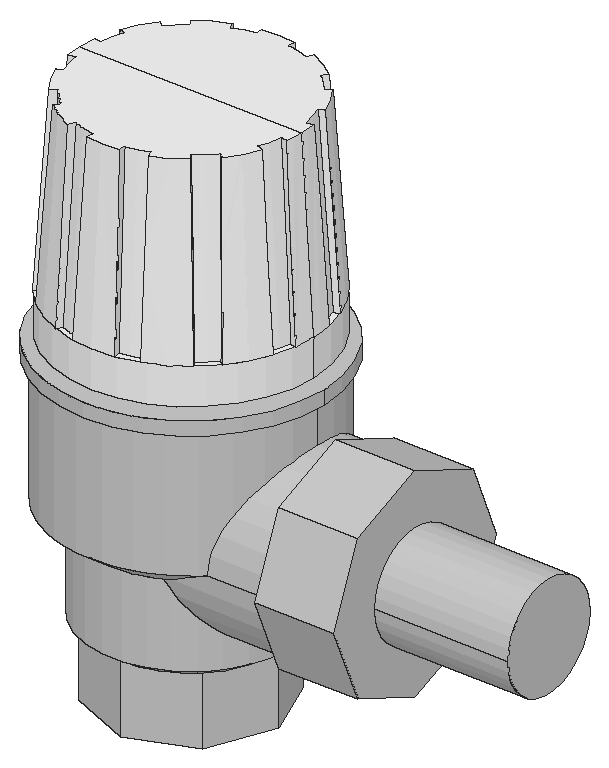
Revit family "PA_Арматура трубопроводов [клапан термостатический угловой, VT.033.N]1 - VALTEC", category Арматура трубопроводов, Revit 2018
Family settings
  Размер круглого соединителя = Использовать диаметр
  Тип детали = Вставляется
  На основе рабочей плоскости = Нет
  Всегда вертикально = Да
  При загрузке вырезать с полостями = Нет
  Общий = Нет
Parameters (values of type "VT.033.N")
  Таблица 2 = "PA_Арматура трубопроводов [клапан термостатический угловой, VT.033.N] - VALTEC - Таблица 2"  # constant formula
  Таблица 1 = "PA_Арматура трубопроводов [клапан термостатический угловой, VT.033.N] - VALTEC - Таблица 1"  # constant formula
  Материал доп.1 = Черный - VALTEC
  Изготовитель = "VALTEC"  # constant formula
  Головка термостатическая [instance] = Колпачок : Колпачок
  d7 [instance] = size_lookup(Таблица 1, "d7", 0 mm, D1)  # 29.6 mm
  b7 [instance] = size_lookup(Таблица 1, "b7", 0 mm, D1)  # 1 mm
  b6 [instance] = size_lookup(Таблица 1, "b6", 0 mm, D1)  # 2 mm
  b5 [instance] = size_lookup(Таблица 1, "b5", 0 mm, D1)  # 18.8 mm
  b4 [instance] = size_lookup(Таблица 1, "b4", 0 mm, D1)  # 3 mm
  MM_Геометрия [instance] = if(Головка термостатическая = [1!!!НЕ ИЗМЕНЯТЬ!!!], MM_1!!!НЕ ИЗМЕНЯТЬ!!!, if(Головка термостатическая = [2!!!НЕ ИЗМЕНЯТЬ!!!], MM_2!!!НЕ ИЗМЕНЯТЬ!!!, if(Головка термостатическая = [3!!!НЕ ИЗМЕНЯТЬ!!!], MM_3!!!НЕ ИЗМЕНЯТЬ!!!, if(Головка термостатическая = [4!!!НЕ ИЗМЕНЯТЬ!!!], MM_4!!!НЕ ИЗМЕНЯТЬ!!!, if(Головка термостатическая = [5!!!НЕ ИЗМЕНЯТЬ!!!], MM_4!!!НЕ ИЗМЕНЯТЬ!!!, if(Головка термостатическая = [6!!!НЕ ИЗМЕНЯТЬ!!!], MM_5!!!НЕ ИЗМЕНЯТЬ!!!, if(Головка термостатическая = [7!!!НЕ ИЗМЕНЯТЬ!!!], MM_6!!!НЕ ИЗМЕНЯТЬ!!!, if(Головка термостатическая = [8!!!НЕ ИЗМЕНЯТЬ!!!], MM_6!!!НЕ ИЗМЕНЯТЬ!!!, if(Головка термостатическая = [9!!!НЕ ИЗМЕНЯТЬ!!!], MM_6!!!НЕ ИЗМЕНЯТЬ!!!, if(Головка термостатическая = [10!!!НЕ ИЗМЕНЯТЬ!!!], MM_6!!!НЕ ИЗМЕНЯТЬ!!!, if(Головка термостатическая = [11!!!НЕ ИЗМЕНЯТЬ!!!], MM_7!!!НЕ ИЗМЕНЯТЬ!!!, if(Головка термостатическая = [12!!!НЕ ИЗМЕНЯТЬ!!!], MM_7!!!НЕ ИЗМЕНЯТЬ!!!, if(Головка термостатическая = [13!!!НЕ ИЗМЕНЯТЬ!!!], MM_7!!!НЕ ИЗМЕНЯТЬ!!!, MM_8!!!НЕ ИЗМЕНЯТЬ!!!)))))))))))))  # MM_Обобщенные модели [колпачок, VT.033.N] - VALTEC : VT.TE3042.0
  MM_8!!!НЕ ИЗМЕНЯТЬ!!! = MM_Обобщенные модели [колпачок, VT.033.N] - VALTEC : VT.TE3042.0
  MM_7!!!НЕ ИЗМЕНЯТЬ!!! = MM_Обобщенные модели [сервопривод электрический, VT.TE3042] - VALTEC : VT.TE3042.0
  MM_6!!!НЕ ИЗМЕНЯТЬ!!! = MM_Обобщенные модели [сервопривод электрический, VT.TE3040] - VALTEC : VT.TE3040
  MM_5!!!НЕ ИЗМЕНЯТЬ!!! = MM_Обобщенные модели [cервопривод EQUICALOR, VT.AS1000] - VALTEC : VT.AS1000
  MM_4!!!НЕ ИЗМЕНЯТЬ!!! = MM_Обобщенные модели [головка термостатическая жидкостная, VT.5000.0] - VALTEC : VT.5000.0 - VT.5010.0
  MM_3!!!НЕ ИЗМЕНЯТЬ!!! = MM_Обобщенные модели [головка термостатическая жидкостная, VT.3000.0] - VALTEC : VT.3000.0
  MM_2!!!НЕ ИЗМЕНЯТЬ!!! = MM_Обобщенные модели [головка термостатическая жидкостная, VT.1500.0] - VALTEC : VT.1500.0
  MM_1!!!НЕ ИЗМЕНЯТЬ!!! = MM_Обобщенные модели [головка термостатическая твердотельная, VT.1000.0] - VALTEC : VT.1000.0
  ME_Информация [instance] = if(Головка термостатическая = [1!!!НЕ ИЗМЕНЯТЬ!!!], ME_1!!!НЕ ИЗМЕНЯТЬ!!!, if(Головка термостатическая = [2!!!НЕ ИЗМЕНЯТЬ!!!], ME_2!!!НЕ ИЗМЕНЯТЬ!!!, if(Головка термостатическая = [3!!!НЕ ИЗМЕНЯТЬ!!!], ME_3!!!НЕ ИЗМЕНЯТЬ!!!, if(Головка термостатическая = [4!!!НЕ ИЗМЕНЯТЬ!!!], ME_4!!!НЕ ИЗМЕНЯТЬ!!!, if(Головка термостатическая = [5!!!НЕ ИЗМЕНЯТЬ!!!], ME_5!!!НЕ ИЗМЕНЯТЬ!!!, if(Головка термостатическая = [6!!!НЕ ИЗМЕНЯТЬ!!!], ME_6!!!НЕ ИЗМЕНЯТЬ!!!, if(Головка термостатическая = [7!!!НЕ ИЗМЕНЯТЬ!!!], ME_7!!!НЕ ИЗМЕНЯТЬ!!!, if(Головка термостатическая = [8!!!НЕ ИЗМЕНЯТЬ!!!], ME_8!!!НЕ ИЗМЕНЯТЬ!!!, if(Головка термостатическая = [9!!!НЕ ИЗМЕНЯТЬ!!!], ME_9!!!НЕ ИЗМЕНЯТЬ!!!, if(Головка термостатическая = [10!!!НЕ ИЗМЕНЯТЬ!!!], ME_10!!!НЕ ИЗМЕНЯТЬ!!!, if(Головка термостатическая = [11!!!НЕ ИЗМЕНЯТЬ!!!], ME_11!!!НЕ ИЗМЕНЯТЬ!!!, if(Головка термостатическая = [12!!!НЕ ИЗМЕНЯТЬ!!!], ME_12!!!НЕ ИЗМЕНЯТЬ!!!, if(Головка термостатическая = [13!!!НЕ ИЗМЕНЯТЬ!!!], ME_13!!!НЕ ИЗМЕНЯТЬ!!!, ME_14!!!НЕ ИЗМЕНЯТЬ!!!)))))))))))))  # ME_Оборудование [колпачек] - VALTEC : ME_Оборудование [колпачек] - VALTEC
  ME_9!!!НЕ ИЗМЕНЯТЬ!!! = ME_Оборудование [сервопривод электрический, VT.TE3041.0.024] - VALTEC : ME_Оборудование [сервопривод электрический, VT.TE3041.0.024] - VALTEC
  ME_8!!!НЕ ИЗМЕНЯТЬ!!! = ME_Оборудование [сервопривод электрический, VT.TE3040.A.220] - VALTEC : ME_Оборудование [сервопривод электрический, VT.TE3040.A.220] - VALTEC
  ME_7!!!НЕ ИЗМЕНЯТЬ!!! = ME_Оборудование [сервопривод электрический, VT.TE3040.0.220] - VALTEC : ME_Оборудование [сервопривод электрический, VT.TE3040.0.220] - VALTEC
  ME_6!!!НЕ ИЗМЕНЯТЬ!!! = ME_Оборудование [cервопривод EQUICALOR, VT.AS1000] - VALTEC : ME_Оборудование [cервопривод EQUICALOR, VT.AS1000] - VALTEC
  ME_5!!!НЕ ИЗМЕНЯТЬ!!! = ME_Оборудование [головка термостатическая жидкостная, VT.5010.0] - VALTEC : ME_Оборудование [головка термостатическая жидкостная, VT.5010.0] - VALTEC
  ME_4!!!НЕ ИЗМЕНЯТЬ!!! = ME_Оборудование [головка термостатическая жидкостная, VT.5000.0] - VALTEC : ME_Оборудование [головка термостатическая жидкостная, VT.5000.0] - VALTEC
  ME_3!!!НЕ ИЗМЕНЯТЬ!!! = ME_Оборудование [головка термостатическая жидкостная, VT.3000.0] - VALTEC : ME_Оборудование [головка термостатическая жидкостная, VT.3000.0] - VALTEC
  ME_2!!!НЕ ИЗМЕНЯТЬ!!! = ME_Оборудование [головка термостатическая жидкостная, VT.1500.0] - VALTEC : ME_Оборудование [головка термостатическая жидкостная, VT.1500.0] - VALTEC
  ME_14!!!НЕ ИЗМЕНЯТЬ!!! = ME_Оборудование [колпачек] - VALTEC : ME_Оборудование [колпачек] - VALTEC
  ME_13!!!НЕ ИЗМЕНЯТЬ!!! = ME_Оборудование [сервопривод электрический, VT.TE3042.A.220] - VALTEC : ME_Оборудование [сервопривод электрический, VT.TE3042.A.220] - VALTEC
  ME_12!!!НЕ ИЗМЕНЯТЬ!!! = ME_Оборудование [сервопривод электрический, VT.TE3042.0.220] - VALTEC : ME_Оборудование [сервопривод электрический, VT.TE3042.0.220] - VALTEC
  ME_11!!!НЕ ИЗМЕНЯТЬ!!! = ME_Оборудование [сервопривод электрический, VT.TE3042.0.024] - VALTEC : ME_Оборудование [сервопривод электрический, VT.TE3042.0.024] - VALTEC
  ME_10!!!НЕ ИЗМЕНЯТЬ!!! = ME_Оборудование [сервопривод электрический, VT.TE3041.A.024] - VALTEC : ME_Оборудование [сервопривод электрический, VT.TE3041.A.024] - VALTEC
  ME_1!!!НЕ ИЗМЕНЯТЬ!!! = ME_Оборудование [головка термостатическая твердотельная, VT.1000.0] - VALTEC : ME_Оборудование [головка термостатическая твердотельная, VT.1000.0] - VALTEC
  B [instance] = size_lookup(Таблица 1, "B", 0 mm, D1)  # 75 mm
  b3 [instance] = size_lookup(Таблица 1, "b3", 0 mm, D1)  # 11.9 mm
  b2 [instance] = size_lookup(Таблица 1, "b2", 0 mm, D1)  # 1 mm
  d6 [instance] = size_lookup(Таблица 1, "d6", 0 mm, D1)  # 26.4 mm
  d5 [instance] = size_lookup(Таблица 1, "d5", 0 mm, D1)  # 32 mm
  d4 [instance] = size_lookup(Таблица 1, "d4", 0 mm, D1)  # 39 mm
  d3 [instance] = size_lookup(Таблица 1, "d3", 0 mm, D1)  # 37 mm
  d2 [instance] = size_lookup(Таблица 1, "d2", 0 mm, D1)  # 28.6 mm
  d1 [instance] = size_lookup(Таблица 1, "d1", 0 mm, D1)  # 25.6 mm
  D1 [instance] = 15 mm
  b1 [instance] = size_lookup(Таблица 1, "b1", 0 mm, D1)  # 9.9 mm
  a4 [instance] = size_lookup(Таблица 1, "a4", 0 mm, D1)  # 10 mm
  a3 [instance] = size_lookup(Таблица 1, "a3", 0 mm, D1)  # 9.5 mm
  a2 [instance] = size_lookup(Таблица 1, "a2", 0 mm, D1)  # 11.5 mm
  a1 [instance] = size_lookup(Таблица 1, "a1", 0 mm, D1)  # 21.2 mm
  URL = "https://valtec.ru/"
  ADSK_Расход жидкости [instance] = 0.0 L/s
  ADSK_Примечание [instance] = ""
  ADSK_Потеря давления жидкости [instance] = 0.0 Pa
  ADSK_Позиция [instance] = ""
  ADSK_Обозначение [instance] = "VT.033.N"  # constant formula
  ADSK_Наименование [instance] = size_lookup(Таблица 1, "", "Данный типоразмер отсутствует", D1)  # "Клапан термостатический повышенной пропускной способности угловой 1/2\""
  ADSK_Материал = Сталь, нержавеющая - VALTEC
  ADSK_Масса [instance] = if(D1 = 15 mm, 325, if(D1 = 20 mm, 517, 0))  # 325
  ADSK_Марка [instance] = "VT.033.N"  # constant formula
  ADSK_Код изделия [instance] = size_lookup(Таблица 2, "", "Данный типоразмер отсутствует", D1)  # "VT.033.N.04"
  ADSK_Завод-изготовитель [instance] = Изготовитель  # "VALTEC"
  ADSK_Единица измерения [instance] = "шт."  # constant formula
  ADSK_URL страницы изделия = "https://valtec.ru/catalog/radiatornaya_armatura/termostaticheskie_klapany_dlya_radiatorov/klapan_termostaticheskij_povyshennoj_propusknoj_sposobnosti_uglovoj_vt033n.html"
  ADSK_URL документации изделия = "https://valtec.ru/document/technical/VT.33-34-0718.pdf"
  A [instance] = size_lookup(Таблица 1, "A", 0 mm, D1)  # 59 mm
  9!!!НЕ ИЗМЕНЯТЬ!!! = VT.TE3041.0.024 : VT.TE3041.0.024
  8!!!НЕ ИЗМЕНЯТЬ!!! = VT.TE3040.A.220 : VT.TE3040.A.220
  7!!!НЕ ИЗМЕНЯТЬ!!! = VT.TE3040.0.220 : VT.TE3040.0.220
  6!!!НЕ ИЗМЕНЯТЬ!!! = VT.AS1000 : VT.AS1000
  5!!!НЕ ИЗМЕНЯТЬ!!! = VT.5010.0.0 : VT.5010.0.0
  4!!!НЕ ИЗМЕНЯТЬ!!! = VT.5000.0.0 : VT.5000.0.0
  3!!!НЕ ИЗМЕНЯТЬ!!! = VT.3000.0.0 : VT.3000.0.0
  2!!!НЕ ИЗМЕНЯТЬ!!! = VT.1500.0.0 : VT.1500.0.0
  14!!!НЕ ИЗМЕНЯТЬ!!! = Колпачок : Колпачок
  13!!!НЕ ИЗМЕНЯТЬ!!! = VT.TE3042.A.220 : VT.TE3042.A.220
  12!!!НЕ ИЗМЕНЯТЬ!!! = VT.TE3042.0.220 : VT.TE3042.0.220
  11!!!НЕ ИЗМЕНЯТЬ!!! = VT.TE3042.0.024 : VT.TE3042.0.024
  10!!!НЕ ИЗМЕНЯТЬ!!! = VT.TE3041.A.024 : VT.TE3041.A.024
  1!!!НЕ ИЗМЕНЯТЬ!!! = VT.1000.0.0 : VT.1000.0.0
Reference planes
  plane 1 "По центру (Вперед/Назад)": y = 0
  plane 2: z = 0
  plane 3 "По центру (Влево/Вправо)": x = 0
  plane 4: z = 21.8
  plane 5: x = 21.2
  plane 6: z = -3
  plane 7: z = -14.9
  plane 8: z = -15.9
  plane 9: z = -25.8
  plane 10: z = 18.8
  plane 11: z = 20.8
  plane 12: x = 32.7
  plane 13: x = 42.2
  plane 14: x = 52.2
Forms (mm)
  Extrusion 1, solid, material "Сталь, нержавеющая - VALTEC" <- "ADSK_Материал", detail levels medium+fine
    sketch origin (0, 0, 0) x (1, 0, 0) y (0, 1, 0)
      loop
        circle (0, 0) r 14.3
    from -3 to -14.9
  Blend 2, solid, material "Сталь, нержавеющая - VALTEC" <- "ADSK_Материал", detail levels medium+fine
    base sketch origin (0, 0, 0) x (1, 0, 0) y (0, 1, 0)
      loop
        circle (0, 0) r 12.8
    top sketch origin (0, 0, 0) x (1, 0, 0) y (0, 1, 0)
      loop
        circle (0, 0) r 14.3
    from -15.9 to -14.9
  Extrusion 3, solid, material "Сталь, нержавеющая - VALTEC" <- "ADSK_Материал", detail levels medium+fine
    sketch origin (0, 0, 0) x (1, 0, 0) y (0, 1, 0)
      loop
        circle (0, 0) r 18.5
    from 0 to 18.8
  Blend 4, solid, material "Сталь, нержавеющая - VALTEC" <- "ADSK_Материал", detail levels medium+fine
    base sketch origin (0, 0, 0) x (1, 0, 0) y (0, 1, 0)
      loop
        circle (0, 0) r 14.3
    top sketch origin (0, 0, 0) x (1, 0, 0) y (0, 1, 0)
      loop
        circle (0, 0) r 18.5
    from -3 to 0
  Extrusion 5, solid, material "Сталь, нержавеющая - VALTEC" <- "ADSK_Материал", detail levels medium+fine
    sketch origin (0, 0, 0) x (1, 0, 0) y (0, 1, 0)
      loop
        circle (0, 0) r 19.5
    from 18.8 to 20.8
  Extrusion 6, solid, material "Черный - VALTEC" <- "Материал доп.1", detail levels medium+fine
    sketch origin (0, 0, 0) x (1, 0, 0) y (0, 1, 0)
      loop
        circle (0, 0) r 16
    from 20.8 to 21.8
  Extrusion 7, solid, material "Сталь, нержавеющая - VALTEC" <- "ADSK_Материал", detail levels medium+fine
    sketch origin (0, 0, 0) x (0, 1, 0) y (0, 0, 1)
      loop
        circle (0, 0) r 13.2
    from 0 to 21.2
  Extrusion 8, solid, material "Сталь, нержавеющая - VALTEC" <- "ADSK_Материал", detail levels medium+fine
    sketch origin (0, 0, 0) x (0, 1, 0) y (0, 0, 1)
      loop
        circle (0, 0) r 7.5
    from 32.7 to 52.2
Cuts and joins
  joined: Extrusion 1, Blend 2, Extrusion 3, Blend 4, Extrusion 5, Extrusion 7, Extrusion 8
Lines and regions (mm)
  reference lines
    curve 1: line (0, 0, -25.8) -> (0, 0, 0)
    curve 2: line (0, 0, 0) -> (42.2, 0, 0)
  model lines, detail levels coarse
    curve 3: line (-15, 0, -25.8) -> (15, 0, -25.8)
    curve 4: line (25.8, 0, -15) -> (25.8, 0, 15)
    curve 5: line (-15, 0, -25.8) -> (0, 0, 0)
    curve 6: line (0, 0, 0) -> (15, 0, -25.8)
    curve 7: line (25.8, 0, -15) -> (0, 0, 0)
    curve 8: line (25.8, 0, 15) -> (0, 0, 0)
    curve 9: line (25.8, 0, 0) -> (52.2, 0, 0)
    curve 10: line (0, 0, 0) -> (0, 0, 53.072)
    curve 11: line (0, 0, 0) -> (-10, 0, 17.321)
    curve 12: line (0, 0, 0) -> (10, 0, 17.321)
  symbolic lines, detail levels coarse
    curve 13: line (-15, -25.8, 0) -> (15, -25.8, 0)
    curve 14: line (25.8, 15, 0) -> (25.8, -15, 0)
    curve 15: line (-15, -25.8, 0) -> (0, 0, 0)
    curve 16: line (0, 0, 0) -> (15, -25.8, 0)
    curve 17: line (0, 0, 0) -> (25.8, 15, 0)
    curve 18: line (0, 0, 0) -> (25.8, -15, 0)
    curve 20: line (0, 0, 0) -> (0, 53.1, 0)
    curve 21: line (0, 0, 0) -> (-10, 17.321, 0)
    curve 22: line (0, 0, 0) -> (10, 17.321, 0)
  symbolic lines
    curve 19: line (25.8, 0, 0) -> (52.2, 0, 0)
Dimensions and locks
  "b1": plane 8 to plane 9
  "b2": plane 7 to plane 8
  "b3": plane 6 to plane 7
  "b4": plane 2 to plane 6
  "b5": plane 10 to plane 2
  "b6": plane 11 to plane 10
  "b7": plane 4 to plane 11
  "a1": plane 5 to plane 3 "По центру (Влево/Вправо)"
  "a2": plane 5 to plane 12
  "a3": plane 12 to plane 13
  "a4": plane 13 to plane 14
  "d2": diameter of Extrusion 1 sketch curve
  "d1": diameter of Blend 2 sketch curve
  "d2": diameter of Blend 2 sketch curve
  "d3": diameter of Extrusion 3 sketch curve
  "d2": diameter of Blend 4 sketch curve
  "d3": diameter of Blend 4 sketch curve
  "d4": diameter of Extrusion 5 sketch curve
  "d5": diameter of Extrusion 6 sketch curve
  "d6": diameter of Extrusion 7 sketch curve
  "D1": diameter of Extrusion 8 sketch curve
  aligned and locked: level to plane 2
  aligned and locked: plane 1 "По центру (Вперед/Назад)" to nested 1
  aligned and locked: plane 3 "По центру (Влево/Вправо)" to nested 1
  aligned and locked: nested 1 to plane 9
  aligned and locked: plane 3 "По центру (Влево/Вправо)" to Extrusion 1 sketch curve
  aligned and locked: plane 1 "По центру (Вперед/Назад)" to Extrusion 1 sketch curve
  aligned and locked: plane 3 "По центру (Влево/Вправо)" to Blend 2 sketch curve  (x2)
  aligned and locked: plane 1 "По центру (Вперед/Назад)" to Blend 2 sketch curve  (x2)
  aligned and locked: Extrusion 1 to plane 6
  aligned and locked: Extrusion 1 to plane 7
  aligned and locked: Blend 2 to plane 7
  aligned and locked: Blend 2 to plane 8
  aligned and locked: plane 3 "По центру (Влево/Вправо)" to Extrusion 3 sketch curve
  aligned and locked: plane 1 "По центру (Вперед/Назад)" to Extrusion 3 sketch curve
  aligned and locked: plane 3 "По центру (Влево/Вправо)" to Blend 4 sketch curve  (x2)
  aligned and locked: plane 1 "По центру (Вперед/Назад)" to Blend 4 sketch curve  (x2)
  aligned and locked: Blend 4 to plane 6
  aligned and locked: level to Blend 4
  aligned and locked: Extrusion 3 to level
  aligned and locked: plane 10 to Extrusion 3
  aligned and locked: plane 3 "По центру (Влево/Вправо)" to Extrusion 5 sketch curve
  aligned and locked: plane 1 "По центру (Вперед/Назад)" to Extrusion 5 sketch curve
  aligned and locked: plane 3 "По центру (Влево/Вправо)" to Extrusion 6 sketch curve
  aligned and locked: plane 1 "По центру (Вперед/Назад)" to Extrusion 6 sketch curve
  aligned and locked: Extrusion 5 to plane 10
  aligned and locked: Extrusion 6 to plane 11
  aligned and locked: plane 4 to Extrusion 6
  aligned and locked: plane 11 to Extrusion 5
  aligned and locked: plane 1 "По центру (Вперед/Назад)" to nested 2
  aligned and locked: plane 5 to nested 2
  aligned and locked: plane 1 "По центру (Вперед/Назад)" to Extrusion 7 sketch curve
  aligned and locked: level to Extrusion 7 sketch curve
  aligned and locked: plane 1 "По центру (Вперед/Назад)" to Extrusion 8 sketch curve
  aligned and locked: level to Extrusion 8 sketch curve
  aligned and locked: Extrusion 7 to plane 3 "По центру (Влево/Вправо)"
  aligned and locked: Extrusion 7 to plane 5
  aligned and locked: plane 12 to Extrusion 8
  aligned and locked: Extrusion 8 to plane 14
  aligned and locked: plane 13 to curve 2
  aligned and locked: plane 3 "По центру (Влево/Вправо)" to curve 2
  aligned and locked: level to curve 1
  aligned and locked: plane 9 to curve 1
  aligned and locked: plane 3 "По центру (Влево/Вправо)" to curve 1
  aligned and locked: plane 1 "По центру (Вперед/Назад)" to nested 4
  aligned and locked: nested 4 to plane 3 "По центру (Влево/Вправо)"
  aligned and locked: nested 3 to plane 1 "По центру (Вперед/Назад)"
  aligned and locked: plane 3 "По центру (Влево/Вправо)" to nested 3
  aligned and locked: plane 4 to nested 3
  aligned and locked: plane 14 to curve 9
  aligned and locked: plane 14 to curve 19
  aligned and locked: plane 3 "По центру (Влево/Вправо)" to curve 20
Automatic sketch dimensions
  curve 5 to plane 9 = 0 mm
  curve 11 to level = 0 mm
  curve 11 to plane 3 "По центру (Влево/Вправо)" = 0 mm
  curve 9 to level = 0 mm
  curve 3 to plane 3 "По центру (Влево/Вправо)" = 15 mm
  plane 5 to curve 6 = 6.2 mm
  curve 7 to plane 7 = 0.1 mm
  curve 7 to plane 5 = 4.6 mm
  curve 4 to plane 10 = 3.8 mm
  curve 11 to plane 10 = 1.479 mm
  curve 11 to plane 3 "По центру (Влево/Вправо)" = 10 mm
  curve 12 to plane 10 = 1.479 mm
  plane 3 "По центру (Влево/Вправо)" to curve 12 = 10 mm
  plane 4 to curve 10 = 31.272 mm
  plane 1 "По центру (Вперед/Назад)" to curve 19 = 0 mm
  plane 1 "По центру (Вперед/Назад)" to curve 22 = 0 mm
  curve 13 to plane 3 "По центру (Влево/Вправо)" = 15 mm
  plane 5 to curve 13 = 6.2 mm
  curve 18 to plane 5 = 4.6 mm
  curve 18 to curve 19 = 15 mm
  plane 1 "По центру (Вперед/Назад)" to curve 13 = 25.8 mm
  curve 21 to plane 3 "По центру (Влево/Вправо)" = 10 mm
  plane 3 "По центру (Влево/Вправо)" to curve 22 = 10 mm
  curve 21 to plane 1 "По центру (Вперед/Назад)" = 17.321 mm
  curve 14 to curve 22 = 2.321 mm
  curve 21 to curve 20 = 35.779 mm
Nested families
  nested 1: "Гайка - вертикаль" at (0, 0, -25.8), ADSK_Материал <- "ADSK_Материал", h3 <- "b1", d6 <- "d1", type "Гайка - вертикаль", detail levels medium+fine
    with hr 23.651 mm, h3 9.9 mm, d6 25.6 mm, ADSK_Материал Сталь, нержавеющая - VALTEC
  nested 2: "Гайка - горизонталь" at (26.95, 0, 0), ADSK_Материал <- "ADSK_Материал", B <- "a2", d3 <- "d7", type "Гайка - горизонталь", detail levels medium+fine
    with hr 27.347 mm, d3 29.6 mm, B 11.5 mm, ADSK_Материал Сталь, нержавеющая - VALTEC
  nested 3: "MM_Обобщенные модели [колпачок, VT.033.N] - VALTEC" at (0, 0, 21.8), type <- "MM_Геометрия", type "VT.TE3042.0", detail levels medium+fine
  nested 4: "ME_Оборудование [колпачек] - VALTEC" at (0, 0, 0), type <- "ME_Информация", type "ME_Оборудование [колпачек] - VALTEC", detail levels medium
    with ADSK_Примечание "", ADSK_Позиция "", ADSK_Обозначение "VT.1500.0", ADSK_Наименование "Головка термостатическая жидкостная", ADSK_Масса 0, ADSK_Код изделия "VT.1500.0.0", ADSK_Завод-изготовитель "VALTEC", ADSK_Единица измерения "шт."
Connectors
  piping at (0, 0, -25.8), diameter 15, driven by "D1", driven by "ADSK_Расход жидкости", driven by "ADSK_Потеря давления жидкости"
    settings: on curve 1, index 1, connector inside diameter 609.6 mm, connector length 0 mm, flow factor 0, pipe flow 0.0 L/s, pressure drop 0.0 Pa, fitting loss kfactor 0, connector angle 0.00°, fixture units 0, engagement length 0 mm, angle of deflection 0.00°, flow configuration 0, flow direction 1, fitting loss method 4, system type 7, joint type 0, gender type 0, connector reference index 2, connector utility 0, adjustable connector no, is connector primary yes, connector description ""
  piping at (42.2, 0, 0), diameter 15, driven by "D1", driven by "ADSK_Расход жидкости"
    settings: on curve 2, index 2, connector inside diameter 609.6 mm, connector length 0 mm, flow factor 0, pipe flow 0.0 L/s, pressure drop 0.0 Pa, fitting loss kfactor 0, connector angle 0.00°, fixture units 0, engagement length 0 mm, angle of deflection 0.00°, flow configuration 0, flow direction 2, fitting loss method 0, system type 7, joint type 0, gender type 0, connector reference index 1, connector utility 0, adjustable connector no, is connector primary no, connector description ""
Definition of nested family "Гайка - вертикаль"
  Parameters (values of type "Гайка - вертикаль")
    h3 [instance] = 7.5 mm
    hr [instance] = d6 / 2 * cos(180.00° / 8) * 2  # 11.918 mm
    d6 [instance] = 12.9 mm
    ADSK_Материал [instance] = none
  Reference planes
    plane 1 "По центру (Вперед/Назад)": y = 0
    plane 2: z = 0
    plane 3 "По центру (Влево/Вправо)": x = 0
    plane 4: x = -6.45
    plane 5: x = 6.45
    plane 6: through (737.894, 1797.006, 1200) normal (0.9239, -0.3827, 0)
    plane 7: through (765.367, 1847.759, 1200) normal (0.9239, -0.3827, 0)
    plane 8: through (792.839, 1898.512, 1200) normal (0.9239, -0.3827, 0)
    plane 9: through (-737.894, 1797.006, 1200) normal (0.9239, 0.3827, 0)
    plane 10: through (-765.367, 1847.759, 1200) normal (0.9239, 0.3827, 0)
    plane 11: through (-792.839, 1898.512, 1200) normal (0.9239, 0.3827, 0)
    plane 12: through (1845.479, 770.872, 1200) normal (0.3827, -0.9239, 0)
    plane 13: through (1847.759, 765.367, 1200) normal (0.3827, -0.9239, 0)
    plane 14: through (1850.039, 759.861, 1200) normal (0.3827, -0.9239, 0)
    plane 15: through (-1845.479, 770.872, 1200) normal (0.3827, 0.9239, 0)
    plane 16: through (-1847.759, 765.367, 1200) normal (0.3827, 0.9239, 0)
    plane 17: through (-1850.039, 759.861, 1200) normal (0.3827, 0.9239, 0)
    plane 18: z = 7.5
  Forms (mm)
    Extrusion 1, solid, material <- "ADSK_Материал"
      sketch origin (0, 0, 0) x (1, 0, 0) y (0, 1, 0)
        loop
          line (0, 6.45) -> (-4.561, 4.561) -> (-6.45, 0) -> (-4.561, -4.561) -> (0, -6.45) -> (4.561, -4.561) -> (6.45, 0) -> (4.561, 4.561) -> (0, 6.45)
      from 0 to 7.5
  Dimensions and locks
    equal spacing: plane 4, plane 3 "По центру (Влево/Вправо)", plane 5
    "d6": plane 4 to plane 5
    equal spacing: plane 6, plane 7, plane 8
    "hr": plane 6 to plane 8
    equal spacing: plane 9, plane 10, plane 11
    "hr": plane 9 to plane 11
    equal spacing: plane 12, plane 13, plane 14
    "hr": plane 12 to plane 14
    equal spacing: plane 15, plane 16, plane 17
    "hr": plane 15 to plane 17
    "h3": plane 18 to plane 2
    aligned and locked: level to plane 2
    aligned and locked: plane 12 to Extrusion 1 sketch curve
    aligned and locked: plane 15 to Extrusion 1 sketch curve
    aligned and locked: plane 9 to Extrusion 1 sketch curve
    aligned and locked: Extrusion 1 sketch curve to plane 8
    aligned and locked: Extrusion 1 sketch curve to plane 14
    aligned and locked: Extrusion 1 sketch curve to plane 17
    aligned and locked: Extrusion 1 sketch curve to plane 11
    aligned and locked: plane 6 to Extrusion 1 sketch curve
    aligned and locked: plane 18 to Extrusion 1
Definition of nested family "Гайка - горизонталь"
  Parameters (values of type "Гайка - горизонталь")
    hr [instance] = d3 / 2 * cos(180.00° / 8) * 2  # 588.881 mm
    d3 [instance] = 637.4 mm
    B [instance] = 637.4 mm
    ADSK_Материал [instance] = none
  Reference planes
    plane 1 "По центру (Вперед/Назад)": y = 0
    plane 2: z = 0
    plane 3 "По центру (Влево/Вправо)": x = 0
    plane 4: y = 318.7
    plane 5: y = -318.7
    plane 6: through (0, -912.519, 2972.425) normal (0, -0.9239, -0.3827)
    plane 7: through (0, -1234.338, 2979.956) normal (0, -0.9239, -0.3827)
    plane 8: through (0, -1556.157, 2987.486) normal (0, -0.9239, -0.3827)
    plane 9: through (0, 1234.338, 2979.956) normal (0, -0.9239, 0.3827)
    plane 10: through (0, -2420.114, 1321.144) normal (0, -0.3827, -0.9239)
    plane 11: through (0, -2532.792, 1049.117) normal (0, -0.3827, -0.9239)
    plane 12: through (0, -2645.469, 777.089) normal (0, -0.3827, -0.9239)
    plane 13: through (0, 2420.114, 1321.144) normal (0, -0.3827, 0.9239)
    plane 14: through (0, 2532.792, 1049.117) normal (0, -0.3827, 0.9239)
    plane 15: through (0, 2645.469, 777.089) normal (0, -0.3827, 0.9239)
    plane 16: through (0, 912.519, 2972.425) normal (0, -0.9239, 0.3827)
    plane 17: through (0, 1234.338, 2979.956) normal (0, -0.9239, 0.3827)
    plane 18: through (0, 1556.157, 2987.486) normal (0, -0.9239, 0.3827)
    plane 19: x = 318.7
    plane 20: x = -318.7
  Forms (mm)
    Extrusion 1, solid, material <- "ADSK_Материал"
      sketch origin (0, 0, 0) x (0, 1, 0) y (0, 0, 1)
        loop
          line (0, 318.7) -> (-225.355, 225.355) -> (-318.7, 0) -> (-225.355, -225.355) -> (0, -318.7) -> (225.355, -225.355) -> (318.7, 0) -> (225.355, 225.355) -> (0, 318.7)
      from -318.7 to 318.7
  Dimensions and locks
    equal spacing: plane 4, plane 1 "По центру (Вперед/Назад)", plane 5
    "d3": plane 4 to plane 5
    equal spacing: plane 8, plane 7, plane 6
    "hr": plane 8 to plane 6
    equal spacing: plane 12, plane 11, plane 10
    "hr": plane 12 to plane 10
    equal spacing: plane 15, plane 14, plane 13
    "hr": plane 15 to plane 13
    equal spacing: plane 18, plane 17, plane 16
    "hr": plane 18 to plane 16
    equal spacing: plane 20, plane 3 "По центру (Влево/Вправо)", plane 19
    "B": plane 20 to plane 19
    aligned and locked: level to plane 2
    aligned and locked: plane 10 to Extrusion 1 sketch curve
    aligned and locked: plane 13 to Extrusion 1 sketch curve
    aligned and locked: plane 16 to Extrusion 1 sketch curve
    aligned and locked: Extrusion 1 sketch curve to plane 8
    aligned and locked: Extrusion 1 sketch curve to plane 12
    aligned and locked: Extrusion 1 sketch curve to plane 15
    aligned and locked: Extrusion 1 sketch curve to plane 18
    aligned and locked: plane 6 to Extrusion 1 sketch curve
    aligned and locked: plane 19 to Extrusion 1
    aligned and locked: plane 20 to Extrusion 1
    aligned and locked: Extrusion 1 to plane 19
Definition of nested family "MM_Обобщенные модели [колпачок, VT.033.N] - VALTEC"
  Parameters (values of type "VT.TE3042.0")
    Manufacturer = ""
    URL = ""
    ADSK_Материал = none
  Reference planes
    plane 1 "По центру (Вперед/Назад)": y = 0
    plane 2: z = 0
    plane 3 "По центру (Влево/Вправо)": x = 0
    plane 4: z = 31.3
    plane 5: y = 5.5
    plane 6: y = -5.5
    plane 7: z = 5.3
    plane 8: x = -18
    plane 9: x = -16.15
    plane 10: x = 18
    plane 11: x = 16.15
  Forms (mm)
    Revolve 1, solid, material <- "ADSK_Материал"
      sketch origin (0, 0, 0) x (1, 0, 0) y (0, 0, 1)
        loop
          line (-18, 5.3) -> (-18, 0) -> (0, 0) -> (0, 31.3) -> (-16.15, 31.3) -> (-18, 5.3)
        axis (0, 31.3) -> (0, 0)
      angle from 0 to 360
    Blend 2, void
      base sketch origin (0, 0, 0) x (1, 0, 0) y (0, 1, 0)
        loop
          line (-18.697, 3.228) -> (-16.84, 2.907)
          arc (-16.84, 2.907) -> (-16.511, 4.424) -> (-16.037, 5.902) r 16.15
          line (-16.037, 5.902) -> (-17.809, 6.554)
          arc (-17.809, 6.554) -> (-18.333, 4.912) -> (-18.697, 3.228) r 18
      top sketch origin (0, 0, 0) x (1, 0, 0) y (0, 1, 0)
        loop
          arc (-15.66, 6.09) -> (-16.219, 4.347) -> (-16.576, 2.551) r 16.15
          line (-16.576, 2.551) -> (-15, 2.308)
          arc (-15, 2.308) -> (-14.665, 3.93) -> (-14.145, 5.501) r 14.25
          line (-14.145, 5.501) -> (-15.66, 6.09)
      from 5.3 to 31.3
    Blend 3, void
      base sketch origin (0, 0, 0) x (0.866025, -0.5, 0) y (0.5, 0.866025, 0)
        loop
          line (-18.697, 3.228) -> (-16.84, 2.907)
          arc (-16.84, 2.907) -> (-16.511, 4.424) -> (-16.037, 5.902) r 16.15
          line (-16.037, 5.902) -> (-17.809, 6.554)
          arc (-17.809, 6.554) -> (-18.333, 4.912) -> (-18.697, 3.228) r 18
      top sketch origin (0, 0, 0) x (0.866025, -0.5, 0) y (0.5, 0.866025, 0)
        loop
          arc (-15.66, 6.09) -> (-16.219, 4.347) -> (-16.576, 2.551) r 16.15
          line (-16.576, 2.551) -> (-15, 2.308)
          arc (-15, 2.308) -> (-14.665, 3.93) -> (-14.145, 5.501) r 14.25
          line (-14.145, 5.501) -> (-15.66, 6.09)
      from 5.3 to 31.3
    Blend 4, void
      base sketch origin (0, 0, 0) x (0.5, -0.866025, 0) y (0.866025, 0.5, 0)
        loop
          line (-18.697, 3.228) -> (-16.84, 2.907)
          arc (-16.84, 2.907) -> (-16.511, 4.424) -> (-16.037, 5.902) r 16.15
          line (-16.037, 5.902) -> (-17.809, 6.554)
          arc (-17.809, 6.554) -> (-18.333, 4.912) -> (-18.697, 3.228) r 18
      top sketch origin (0, 0, 0) x (0.5, -0.866025, 0) y (0.866025, 0.5, 0)
        loop
          arc (-15.66, 6.09) -> (-16.219, 4.347) -> (-16.576, 2.551) r 16.15
          line (-16.576, 2.551) -> (-15, 2.308)
          arc (-15, 2.308) -> (-14.665, 3.93) -> (-14.145, 5.501) r 14.25
          line (-14.145, 5.501) -> (-15.66, 6.09)
      from 5.3 to 31.3
    Blend 5, void
      base sketch origin (0, 0, 0) x (0, -1, 0) y (1, 0, 0)
        loop
          line (-18.697, 3.228) -> (-16.84, 2.907)
          arc (-16.84, 2.907) -> (-16.511, 4.424) -> (-16.037, 5.902) r 16.15
          line (-16.037, 5.902) -> (-17.809, 6.554)
          arc (-17.809, 6.554) -> (-18.333, 4.912) -> (-18.697, 3.228) r 18
      top sketch origin (0, 0, 0) x (0, -1, 0) y (1, 0, 0)
        loop
          arc (-15.66, 6.09) -> (-16.219, 4.347) -> (-16.576, 2.551) r 16.15
          line (-16.576, 2.551) -> (-15, 2.308)
          arc (-15, 2.308) -> (-14.665, 3.93) -> (-14.145, 5.501) r 14.25
          line (-14.145, 5.501) -> (-15.66, 6.09)
      from 5.3 to 31.3
    Blend 6, void
      base sketch origin (0, 0, 0) x (-0.5, -0.866025, 0) y (0.866025, -0.5, 0)
        loop
          line (-18.697, 3.228) -> (-16.84, 2.907)
          arc (-16.84, 2.907) -> (-16.511, 4.424) -> (-16.037, 5.902) r 16.15
          line (-16.037, 5.902) -> (-17.809, 6.554)
          arc (-17.809, 6.554) -> (-18.333, 4.912) -> (-18.697, 3.228) r 18
      top sketch origin (0, 0, 0) x (-0.5, -0.866025, 0) y (0.866025, -0.5, 0)
        loop
          arc (-15.66, 6.09) -> (-16.219, 4.347) -> (-16.576, 2.551) r 16.15
          line (-16.576, 2.551) -> (-15, 2.308)
          arc (-15, 2.308) -> (-14.665, 3.93) -> (-14.145, 5.501) r 14.25
          line (-14.145, 5.501) -> (-15.66, 6.09)
      from 5.3 to 31.3
    Blend 7, void
      base sketch origin (0, 0, 0) x (-0.866025, -0.5, 0) y (0.5, -0.866025, 0)
        loop
          line (-18.697, 3.228) -> (-16.84, 2.907)
          arc (-16.84, 2.907) -> (-16.511, 4.424) -> (-16.037, 5.902) r 16.15
          line (-16.037, 5.902) -> (-17.809, 6.554)
          arc (-17.809, 6.554) -> (-18.333, 4.912) -> (-18.697, 3.228) r 18
      top sketch origin (0, 0, 0) x (-0.866025, -0.5, 0) y (0.5, -0.866025, 0)
        loop
          arc (-15.66, 6.09) -> (-16.219, 4.347) -> (-16.576, 2.551) r 16.15
          line (-16.576, 2.551) -> (-15, 2.308)
          arc (-15, 2.308) -> (-14.665, 3.93) -> (-14.145, 5.501) r 14.25
          line (-14.145, 5.501) -> (-15.66, 6.09)
      from 5.3 to 31.3
    Blend 8, void
      base sketch origin (0, 0, 0) x (-1, 0, 0) y (0, -1, 0)
        loop
          line (-18.697, 3.228) -> (-16.84, 2.907)
          arc (-16.84, 2.907) -> (-16.511, 4.424) -> (-16.037, 5.902) r 16.15
          line (-16.037, 5.902) -> (-17.809, 6.554)
          arc (-17.809, 6.554) -> (-18.333, 4.912) -> (-18.697, 3.228) r 18
      top sketch origin (0, 0, 0) x (-1, 0, 0) y (0, -1, 0)
        loop
          arc (-15.66, 6.09) -> (-16.219, 4.347) -> (-16.576, 2.551) r 16.15
          line (-16.576, 2.551) -> (-15, 2.308)
          arc (-15, 2.308) -> (-14.665, 3.93) -> (-14.145, 5.501) r 14.25
          line (-14.145, 5.501) -> (-15.66, 6.09)
      from 5.3 to 31.3
    Blend 9, void
      base sketch origin (0, 0, 0) x (-0.866025, 0.5, 0) y (-0.5, -0.866025, 0)
        loop
          line (-18.697, 3.228) -> (-16.84, 2.907)
          arc (-16.84, 2.907) -> (-16.511, 4.424) -> (-16.037, 5.902) r 16.15
          line (-16.037, 5.902) -> (-17.809, 6.554)
          arc (-17.809, 6.554) -> (-18.333, 4.912) -> (-18.697, 3.228) r 18
      top sketch origin (0, 0, 0) x (-0.866025, 0.5, 0) y (-0.5, -0.866025, 0)
        loop
          arc (-15.66, 6.09) -> (-16.219, 4.347) -> (-16.576, 2.551) r 16.15
          line (-16.576, 2.551) -> (-15, 2.308)
          arc (-15, 2.308) -> (-14.665, 3.93) -> (-14.145, 5.501) r 14.25
          line (-14.145, 5.501) -> (-15.66, 6.09)
      from 5.3 to 31.3
    Blend 10, void
      base sketch origin (0, 0, 0) x (-0.5, 0.866025, 0) y (-0.866025, -0.5, 0)
        loop
          line (-18.697, 3.228) -> (-16.84, 2.907)
          arc (-16.84, 2.907) -> (-16.511, 4.424) -> (-16.037, 5.902) r 16.15
          line (-16.037, 5.902) -> (-17.809, 6.554)
          arc (-17.809, 6.554) -> (-18.333, 4.912) -> (-18.697, 3.228) r 18
      top sketch origin (0, 0, 0) x (-0.5, 0.866025, 0) y (-0.866025, -0.5, 0)
        loop
          arc (-15.66, 6.09) -> (-16.219, 4.347) -> (-16.576, 2.551) r 16.15
          line (-16.576, 2.551) -> (-15, 2.308)
          arc (-15, 2.308) -> (-14.665, 3.93) -> (-14.145, 5.501) r 14.25
          line (-14.145, 5.501) -> (-15.66, 6.09)
      from 5.3 to 31.3
    Blend 11, void
      base sketch origin (0, 0, 0) x (0, 1, 0) y (-1, 0, 0)
        loop
          line (-18.697, 3.228) -> (-16.84, 2.907)
          arc (-16.84, 2.907) -> (-16.511, 4.424) -> (-16.037, 5.902) r 16.15
          line (-16.037, 5.902) -> (-17.809, 6.554)
          arc (-17.809, 6.554) -> (-18.333, 4.912) -> (-18.697, 3.228) r 18
      top sketch origin (0, 0, 0) x (0, 1, 0) y (-1, 0, 0)
        loop
          arc (-15.66, 6.09) -> (-16.219, 4.347) -> (-16.576, 2.551) r 16.15
          line (-16.576, 2.551) -> (-15, 2.308)
          arc (-15, 2.308) -> (-14.665, 3.93) -> (-14.145, 5.501) r 14.25
          line (-14.145, 5.501) -> (-15.66, 6.09)
      from 5.3 to 31.3
    Blend 12, void
      base sketch origin (0, 0, 0) x (0.5, 0.866025, 0) y (-0.866025, 0.5, 0)
        loop
          line (-18.697, 3.228) -> (-16.84, 2.907)
          arc (-16.84, 2.907) -> (-16.511, 4.424) -> (-16.037, 5.902) r 16.15
          line (-16.037, 5.902) -> (-17.809, 6.554)
          arc (-17.809, 6.554) -> (-18.333, 4.912) -> (-18.697, 3.228) r 18
      top sketch origin (0, 0, 0) x (0.5, 0.866025, 0) y (-0.866025, 0.5, 0)
        loop
          arc (-15.66, 6.09) -> (-16.219, 4.347) -> (-16.576, 2.551) r 16.15
          line (-16.576, 2.551) -> (-15, 2.308)
          arc (-15, 2.308) -> (-14.665, 3.93) -> (-14.145, 5.501) r 14.25
          line (-14.145, 5.501) -> (-15.66, 6.09)
      from 5.3 to 31.3
    Blend 13, void
      base sketch origin (0, 0, 0) x (0.866025, 0.5, 0) y (-0.5, 0.866025, 0)
        loop
          line (-18.697, 3.228) -> (-16.84, 2.907)
          arc (-16.84, 2.907) -> (-16.511, 4.424) -> (-16.037, 5.902) r 16.15
          line (-16.037, 5.902) -> (-17.809, 6.554)
          arc (-17.809, 6.554) -> (-18.333, 4.912) -> (-18.697, 3.228) r 18
      top sketch origin (0, 0, 0) x (0.866025, 0.5, 0) y (-0.5, 0.866025, 0)
        loop
          arc (-15.66, 6.09) -> (-16.219, 4.347) -> (-16.576, 2.551) r 16.15
          line (-16.576, 2.551) -> (-15, 2.308)
          arc (-15, 2.308) -> (-14.665, 3.93) -> (-14.145, 5.501) r 14.25
          line (-14.145, 5.501) -> (-15.66, 6.09)
      from 5.3 to 31.3
  Cuts and joins
    Blend 2, Blend 3, Blend 4, Blend 5, Blend 6, Blend 7, Blend 8, Blend 9, Blend 10, Blend 11, Blend 12, Blend 13 cuts Revolve 1
  Lines and regions (mm)
    reference lines
      curve 1: line (0, 0, 0) -> (0, 0, 25)
      curve 2: line (0, -12.5, 0) -> (0, 12.5, 0)
      curve 3: line (12.5, 0, 0) -> (-12.5, 0, 0)
  Dimensions and locks
    plane 6 to plane 1 "По центру (Вперед/Назад)" to plane 5 = 5.5 mm locked, 5.5 mm locked
    locked: plane 7 to plane 2 at 5.3
    locked: plane 4 to plane 7 at 26
    locked: plane 3 "По центру (Влево/Вправо)" to plane 9 at 16.15
    locked: plane 3 "По центру (Влево/Вправо)" to plane 8 at 18
    locked: plane 3 "По центру (Влево/Вправо)" to plane 11 at 16.15
    locked: plane 3 "По центру (Влево/Вправо)" to plane 10 at 18
    aligned and locked: level to plane 2
    aligned and locked: plane 9 to Revolve 1 sketch curve
    aligned and locked: plane 7 to Revolve 1 sketch curve
    aligned and locked: plane 3 "По центру (Влево/Вправо)" to Revolve 1 sketch curve
    aligned and locked: plane 4 to Revolve 1 sketch curve
    aligned and locked: Revolve 1 sketch curve to level
    aligned and locked: Revolve 1 sketch curve to plane 8
    aligned and locked: Revolve 1 sketch curve to plane 3 "По центру (Влево/Вправо)"
Definition of nested family "ME_Оборудование [колпачек] - VALTEC"
  Parameters (values of type "ME_Оборудование [колпачек] - VALTEC")
    Manufacturer = "VALTEC"  # constant formula
    URL = "https://valtec.ru/"
    D = 10 mm  # constant formula
    ADSK_Примечание [instance] = ""
    ADSK_Позиция [instance] = ""
    ADSK_Обозначение [instance] = "VT.1000.0"
    ADSK_Наименование [instance] = "Головка термостатическая твердотельная "
    ADSK_Материал = none
    ADSK_Масса [instance] = 0
    ADSK_Код изделия [instance] = "VT.1000.0.0"
    ADSK_Завод-изготовитель [instance] = "VALTEC"  # constant formula
    ADSK_Единица измерения [instance] = "шт."  # constant formula
    ADSK_URL страницы изделия = "https://valtec.ru/catalog/elementy_avtomatiki/termogolovki_i_privody/golovka_termostaticheskaya_tverdotelnaya_vt10000.html"
    ADSK_URL документации изделия = "https://valtec.ru/document/technical/VT.1000-0916.pdf"
  Reference planes
    plane 1 "По центру (Вперед/Назад)": y = 0
    plane 2: z = 0
    plane 3 "По центру (Влево/Вправо)": x = 0
  Forms (mm)
    Revolve 1, solid, material <- "ADSK_Материал"
      sketch origin (0, 0, 0) x (1, 0, 0) y (0, 1, 0)
        loop
          line (0, -5) -> (0, 5)
          arc (0, 5) -> (-5, 0) -> (0, -5) r 5
        axis (0, 5) -> (0, -5)
      angle from 0 to 360
  Lines and regions (mm)
    reference lines
      curve 1: line (0, 5, 0) -> (0, -5, 0)
      curve 2: line (-5, 0, 0) -> (5, 0, 0)
      curve 3: line (0, 0, 5) -> (0, 0, -5)
  Dimensions and locks
    equal spacing: curve 1, plane 1 "По центру (Вперед/Назад)", curve 1
    "D": curve 1 to curve 1
    equal spacing: curve 2, plane 3 "По центру (Влево/Вправо)", curve 2
    "D": curve 2 to curve 2
    equal spacing: curve 3, level, curve 3
    "D": curve 3 to curve 3
    "D": diameter of Revolve 1 sketch curve
    aligned and locked: level to plane 2
    aligned and locked: curve 1 to plane 3 "По центру (Влево/Вправо)"
    aligned and locked: Revolve 1 sketch curve to plane 3 "По центру (Влево/Вправо)"  (x2)
    aligned and locked: plane 1 "По центру (Вперед/Назад)" to curve 2
    aligned and locked: curve 3 to plane 3 "По центру (Влево/Вправо)"
  Automatic sketch dimensions
    plane 1 "По центру (Вперед/Назад)" to Revolve 1 sketch curve = 0 mm
    Revolve 1 sketch curve to Revolve 1 sketch curve = 1995 mm  (x2)
